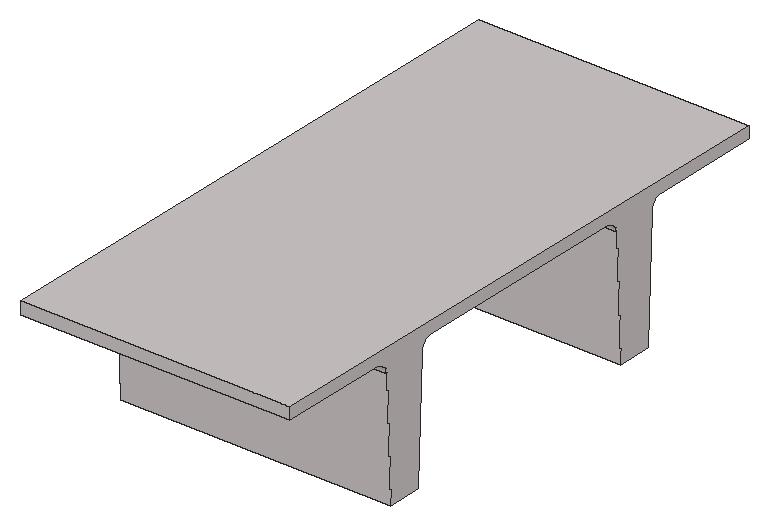
Revit family
Parameters (values of type "2400 x 600mm")
  시작 확장 계산 [instance] = 3012.5 mm + 시작 확장  # 3000 mm
  시작 확장 [instance] = -12.5 mm
  Keynote = "E"
  끝 확장 계산 [instance] = 3012.5 mm + 끝 확장  # 3000 mm
  끝 확장 [instance] = -12.5 mm
  보 재료 [instance] = 콘크리트 - 프리캐스트 콘크리트 - 35MPa
  Assembly Code = ""
  깊이 = 600 mm
  Length [instance] = 1500 mm
  슬래브 깊이 = 50 mm
  스템 폭 = 140 mm
  T자형 폭 = 1200 mm
  폭 = 2400 mm
Types (8, lengths in mm): name | 깊이 | 슬래브 깊이 | 스템 폭 | T자형 폭 | 폭
  (no name) | 600 | 50 | 140 | 1200 | 2400
  2400 x 400mm | 400 | 50 | 140 | 1200 | 2400
  2400 x 440mm | 440 | 90 | 140 | 1200 | 2400
  2400 x 600mm | 600 | 50 | 140 | 1200 | 2400
  2400 x 640mm | 640 | 90 | 140 | 1200 | 2400
  2400 x 800mm | 800 | 50 | 140 | 1200 | 2400
  2400 x 840mm | 840 | 90 | 140 | 1200 | 2400
  3000 x 640mm | 640 | 90 | 190 | 1500 | 3000
Reference planes
  plane 1 "중심(앞/뒤)": y = 0
  plane 2: z = 0
  plane 3 "중심(왼쪽/오른쪽)": x = 4.61
  plane 4 "왼쪽 부재": x = -557.39
  plane 5 "오른쪽 부재": x = 566.61
  plane 6: y = 1200
  plane 7: y = -1200
  plane 8: z = 300
  plane 9 "하단": z = -300
  plane 10 "왼쪽": x = -757.39
  plane 11 "오른쪽": x = 742.61
  plane 12: x = -557.39
  plane 13: x = 566.61
  plane 14: x = 2442.61
  plane 15: x = -2433.39
Forms (mm)
  Sweep 1, solid, material "콘크리트 - 프리캐스트 콘크리트 - 35MPa" <- "보 재료"
    path origin (0, 0, 0) x (1, 0, 0) y (0, 1, 0)
      loop
        line (566.61, 0) -> (-557.39, 0)
    profile "M_이중 T자형-프로파일 : M_이중 T자형-프로파일" origin (4.61, 0, 0) x (0, -1, 0) y (0, 0, 1)
      loop
        line (-1195, 250) -> (-741.903, 250)
        arc (-741.903, 250) -> (-707.851, 236.613) -> (-692.034, 203.619) r 50
        line (-692.034, 203.619) -> (-670, -300) -> (-530, -300) -> (-507.966, 203.619)
        arc (-507.966, 203.619) -> (-492.149, 236.613) -> (-458.097, 250) r 50
        line (-458.097, 250) -> (458.097, 250)
        arc (458.097, 250) -> (492.149, 236.613) -> (507.966, 203.619) r 50
        line (507.966, 203.619) -> (530, -300) -> (670, -300) -> (692.034, 203.619)
        arc (692.034, 203.619) -> (707.851, 236.613) -> (741.903, 250) r 50
        line (741.903, 250) -> (1195, 250) -> (1195, 300) -> (-1195, 300) -> (-1195, 250)
Lines and regions (mm)
  symbolic lines, style "숨겨진 면", detail levels medium+fine
    curve 1: line (-557.39, 670, -300) -> (566.61, 670, -300)
    curve 2: line (-557.39, 530, -300) -> (566.61, 530, -300)
    curve 3: line (-557.39, -670, -300) -> (566.61, -670, -300)
    curve 4: line (-557.39, -530, -300) -> (566.61, -530, -300)
Dimensions and locks
  "폭": plane 6 to plane 7
  equal spacing: plane 9 "하단", plane 2, plane 8
  equal spacing: plane 6, plane 1 "중심(앞/뒤)", plane 7
  "깊이": plane 9 "하단" to plane 8
  "Length": plane 10 "왼쪽" to plane 11 "오른쪽"
  locked: plane 4 "왼쪽 부재" to plane 14 at 3000
  locked: plane 15 to plane 5 "오른쪽 부재" at 3000
  "끝 확장 계산": plane 15 to plane 13
  "시작 확장 계산": plane 12 to plane 14
  aligned and locked: plane 1 "중심(앞/뒤)" to Sweep 1 sketch curve
  aligned and locked: plane 12 to Sweep 1 sketch curve
  aligned and locked: plane 13 to Sweep 1 sketch curve
  aligned and locked: plane 12 to curve 1
  aligned and locked: plane 12 to curve 2
  aligned and locked: plane 12 to curve 4
  aligned and locked: plane 12 to curve 3
  aligned and locked: plane 13 to curve 3
  aligned and locked: plane 13 to curve 4
  aligned and locked: plane 13 to curve 1
  aligned and locked: plane 13 to curve 2
  aligned and locked: curve 3 to Sweep 1
  aligned and locked: curve 4 to Sweep 1
  aligned and locked: curve 2 to Sweep 1
  aligned and locked: curve 1 to Sweep 1
